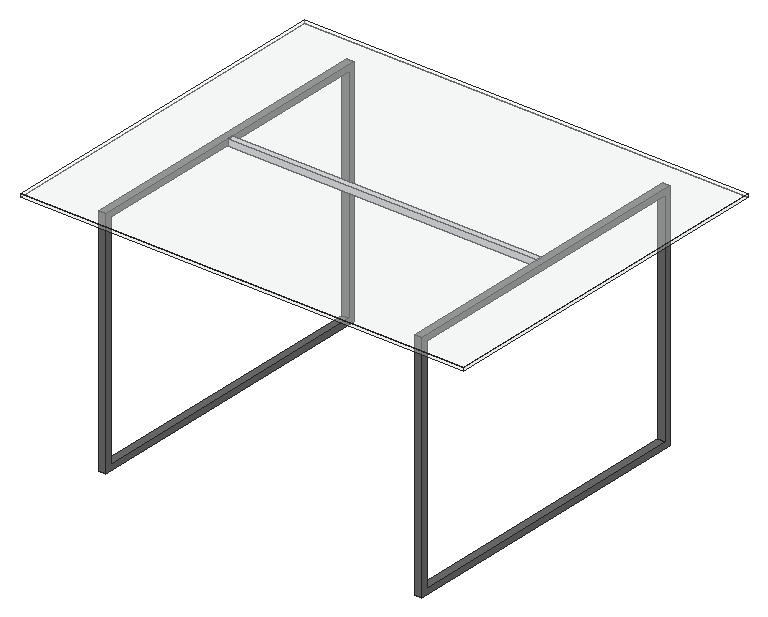
Revit family "Mesa de jantar básica - Vidro", category Furniture, Revit 2016
Family settings
  Work Plane-Based = No
  Always vertical = Yes
  Cut with Voids When Loaded = No
  Shared = Yes
  Room Calculation Point = No
Parameters (values of type "Tampo de vidro")
  Perna lateral [instance] = yes
  Assembly Code = ""
  Base = Metal - Chrome
  Altura [instance] = 80 cm
  Largura [instance] = 150 cm
  Tampo = Glass - Clear, Grey
  Comprimento [instance] = 120 cm
Reference planes (cm)
  plane 1 "Front": y = -1.1389
  plane 2: z = 0
  plane 3 "Left": x = 0.3734
  plane 4 "Right": x = 150.3734
  plane 5: x = 75.3734
  plane 6: y = 58.8611
  plane 7: y = 118.8611
  plane 8 "Top": z = 80
Forms (cm)
  Extrusion 1, solid, material "Glass - Clear, Grey" <- "Tampo"
    sketch origin (0, 0, 80) x (-1, 0, 0) y (0, -1, 0)
      loop
        line (-0.3734, -118.8611) -> (-0.3734, 1.1389) -> (-150.3734, 1.1389) -> (-150.3734, -118.8611) -> (-0.3734, -118.8611)
    from 0 to -1.27
  Extrusion 2, solid, material "Metal - Chrome" <- "Base", visible <- "Perna lateral"
    sketch origin (0.3734, 0, 0) x (0, 1, 0) y (0, 0, 1)
      loop
        line (111.2411, 78.73) -> (6.4811, 78.73) -> (6.4811, 0) -> (111.2411, 0) -> (111.2411, 78.73)
      loop
        line (109.3361, 76.825) -> (8.3861, 76.825) -> (8.3861, 1.905) -> (109.3361, 1.905) -> (109.3361, 76.825)
    from 20.32 to 22.86
  Extrusion 3, solid, material "Metal - Chrome" <- "Base"
    sketch origin (150.3734, 0, 0) x (0, -1, 0) y (0, 0, 1)
      loop
        line (-111.2411, 78.73) -> (-111.2411, 0) -> (-6.4811, 0) -> (-6.4811, 78.73) -> (-111.2411, 78.73)
      loop
        line (-109.3361, 76.825) -> (-109.3361, 1.905) -> (-8.3861, 1.905) -> (-8.3861, 76.825) -> (-109.3361, 76.825)
    from 20.32 to 22.86
  Extrusion 4, solid, visible <- "Perna lateral"
    sketch origin (0, 0, 80) x (-1, 0, 0) y (0, -1, 0)
      loop
        line (-23.2334, -59.8136) -> (-23.2334, -57.9086) -> (-127.5134, -57.9086) -> (-127.5134, -59.8136) -> (-23.2334, -59.8136)
    from -1.27 to -3.175
Lines and regions (cm)
  symbolic lines, style "Furniture"
    curve 1: line (0.3734, 118.8611, 0) -> (150.3734, 118.8611, 0)
    curve 2: line (0.3734, 118.8611, 0) -> (0.3734, -1.1389, 0)
    curve 3: line (0.3734, -1.1389, 0) -> (150.3734, -1.1389, 0)
    curve 4: line (150.3734, 118.8611, 0) -> (150.3734, -1.1389, 0)
Dimensions and locks (cm)
  equal spacing: plane 4 "Right", plane 5, plane 3 "Left"
  "Largura": plane 4 "Right" to plane 3 "Left"
  "Comprimento": plane 1 "Front" to plane 7
  equal spacing: plane 1 "Front", plane 6, plane 7
  "Altura": plane 2 to plane 8 "Top"
  locked: Extrusion 2 sketch curve to Extrusion 2 sketch curve at 1.905
  aligned and locked: level to plane 2
Automatic sketch dimensions
  curve 3 to plane 1 "Front" = 0 cm
  curve 3 to plane 3 "Left" = 0 cm
  curve 3 to plane 4 "Right" = 0 cm
  curve 2 to plane 7 = 0 cm
  Extrusion 1 sketch curve to plane 4 "Right" = 0 cm
  Extrusion 1 sketch curve to plane 1 "Front" = 0 cm
  Extrusion 1 sketch curve to plane 3 "Left" = 0 cm
  Extrusion 1 sketch curve to plane 7 = 0 cm
  Extrusion 2 sketch curve to level = 0 cm
  plane 8 "Top" to Extrusion 2 sketch curve = 1.27 cm
  Extrusion 2 sketch curve to plane 1 "Front" = 7.62 cm
  Extrusion 2 sketch curve to Extrusion 2 sketch curve = 1.905 cm
  plane 8 "Top" to Extrusion 2 sketch curve = 3.175 cm
  plane 7 to Extrusion 2 sketch curve = 7.62 cm
  level to Extrusion 2 sketch curve = 1.905 cm
  Extrusion 3 sketch curve to level = 0 cm
  plane 8 "Top" to Extrusion 3 sketch curve = 1.27 cm
  plane 7 to Extrusion 3 sketch curve = 7.62 cm
  Extrusion 3 sketch curve to Extrusion 3 sketch curve = 1.905 cm  (x2)
  plane 8 "Top" to Extrusion 3 sketch curve = 3.175 cm
  Extrusion 3 sketch curve to plane 1 "Front" = 9.525 cm
  level to Extrusion 3 sketch curve = 1.905 cm
  Extrusion 4 sketch curve to plane 6 = 0.9525 cm
  plane 4 "Right" to Extrusion 4 sketch curve = 22.86 cm
  plane 6 to Extrusion 4 sketch curve = 0.9525 cm
  plane 3 "Left" to Extrusion 4 sketch curve = 22.86 cm
